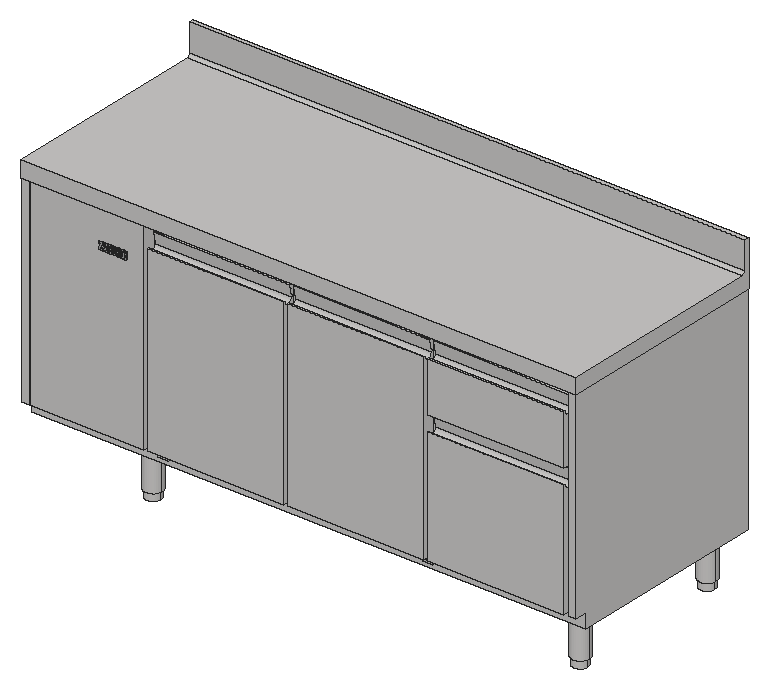
Revit family "QF_ZANUSSI_111046_ZH3H3AAD", category Specialty Equipment, Revit 2018
Family settings
  Round Connector Dimension = Use Diameter
  Part Type = Normal
  Work Plane-Based = No
  Always vertical = Yes
  Cut with Voids When Loaded = No
  Shared = No
  Room Calculation Point = No
Parameters
  Weight = 0.00 kg
  Watts = 0.0232258 W
  Volts = 220 V
  URL Manufacturer = "http://www.zanussiprofessional.com/"
  URL = "http://www.zanussiprofessional.com/"
  Steam Supply Size = 0 mm
  Steam Supply Minimum Pressure = 0.0 Pa
  Steam Supply Maximum Pressure = 0.0 Pa
  Steam Pounds per Hour = 0
  Show Logo [instance] = yes
  Show Clearance [instance] = yes
  Refrigeration Suction Line Size = 0 mm
  Refrigeration Liquid Line Size = 0 mm
  Refrigerant Compressor Remote = yes
  Manufacturer = "Zanussi"
  Phase = 1
  Model = "ZH3H3AAD"
  Length Actual = 1799 mm  # constant formula
  Item Number = "111046"
  Hot Water Size = 0 mm
  Height Actual = 1000 mm  # constant formula
  HP = "0.3 HP"
  Gas Size = 0 mm
  Gas KW = 0
  Gas Input Pressure = 0 W
  Description = "2DOOR+1/3+2/3DRAWERS REF.TABLE 440L-SPLB"
  Depth Actual = 700 mm  # constant formula
  Cycle = 50 Hz
  Condensate Return Size = 0 mm
  Compressed Air Volume = 0.0 L/s
  Compressed Air Size = 0 mm
  Compressed Air Pressure = 0.0 Pa
  Cold Water Size = 0 mm
  Accessory = yes
Reference planes
  plane 1 "Center X": y = 182.5
  plane 2: z = 0
  plane 3 "Center Y": x = -353.5
  plane 4: y = -62.5
  plane 5: y = 451.5
  plane 6 "BACK": y = 532.5
  plane 7 "FRONT": y = -167.5
  plane 8: x = -906
  plane 9: x = 478
  plane 10: z = 150
  plane 11 "TOP": z = 900
  plane 12: z = 850
  plane 13 "LEFT": x = -1251
  plane 14 "RIGHT": x = 544
  plane 15: x = -1253
  plane 16: x = 546
Forms (mm)
  Extrusion 1, solid, material "QF_Finishes_Stainless Steel"
    sketch origin (-353.5, 2, 0) x (0, 1, 0) y (0, 0, 1)
      loop
        line (530.5, 150) -> (530.5, 850) -> (-124.5, 850) -> (-124.5, 150) -> (530.5, 150)
    from -897.5 to 897.5
  Extrusion 2, solid, material "QF_Finishes_Stainless Steel"
    sketch origin (-1022.223, -1524, 150) x (-1, 0, 0) y (0, -1, 0)
      loop
        line (228.777, -1361.5) -> (203.777, -1361.5) -> (203.777, -1401.5) -> (228.777, -1401.5) -> (228.777, -1361.5)
      loop
        line (-1566.223, -1401.5) -> (-1541.223, -1401.5) -> (-1541.223, -1361.5) -> (-1566.223, -1361.5) -> (-1566.223, -1401.5)
    from 47 to 700
  Extrusion 3, solid, material "QF_Finishes_Stainless Steel"
    sketch origin (0, 0, 900) x (-1, 0, 0) y (0, -1, 0)
      loop
        circle (170, -94.5) r 8.45
    from -790.577 to -750
  Extrusion 4, solid, material "QF_Finishes_Stainless Steel"
    sketch origin (0, 0, 0) x (1, 0, 0) y (0, 1, 0)
      loop
        circle (-1167, 451.5) r 4
    from 109.423 to 150
  Extrusion 5, solid, material "QF_Finishes_Stainless Steel"
    sketch origin (-126.5, 0, 0) x (0, 1, 0) y (0, 0, 1)
      loop
        line (-167.5, 900) -> (-167.5, 850) -> (532.5, 850) -> (532.5, 1000) -> (519.5, 1000) -> (519.5, 910)
        arc (519.5, 910) -> (516.571, 902.929) -> (509.5, 900) r 10
        line (509.5, 900) -> (-167.5, 900)
    from 672.5 to -1126.5
Cuts and joins
  joined: Extrusion 1, Extrusion 2
Lines and regions (mm)
  symbolic lines, style "SpecialityEquipmentHiddenLines"
    curve 1: line (-1253, -122.5, 900) -> (546, -122.5, 900)
    curve 2: line (-850, -167.5, 900) -> (-850, -122.5, 900)
  symbolic lines, style "SpecialityEquipment"
    curve 3: line (-1253, 532.5, 900) -> (546, 532.5, 900)
    curve 4: line (-1253, 532.5, 900) -> (-1253, -167.5, 900)
    curve 5: line (-1253, -167.5, 900) -> (546, -167.5, 900)
    curve 6: line (546, -167.5, 900) -> (546, 532.5, 900)
    curve 7: line (-1253, 519.5, 900) -> (546, 519.5, 900)
Dimensions and locks
  locked: plane 6 "BACK" to plane 7 "FRONT" at 700
  equal spacing: plane 6 "BACK", plane 1 "Center X", plane 7 "FRONT"
  locked: plane 6 "BACK" to plane 5 at 81
  plane 10 to level = 150 mm
  plane 11 "TOP" to plane 12 to plane 10 = 50 mm locked, 700 mm locked
  locked: Extrusion 2 sketch curve to Extrusion 2 sketch curve at 25  (x2)
  locked: plane 4 to plane 7 "FRONT" at 105
  locked: plane 6 "BACK" to Extrusion 3 sketch curve at 438
  equal spacing: plane 13 "LEFT", plane 3 "Center Y", plane 14 "RIGHT"
  plane 15 to plane 16 = 1799 mm
  locked: plane 13 "LEFT" to plane 8 at 345
  locked: plane 9 to plane 14 "RIGHT" at 66
  Extrusion 3 sketch curve to plane 14 "RIGHT" = 714 mm
  plane 13 "LEFT" to Extrusion 4 sketch curve = 84 mm
  locked: plane 6 "BACK" to Extrusion 4 sketch curve at 81
  locked: plane 10 to Extrusion 4 at 40.577
  aligned and locked: level to plane 2
  aligned and locked: plane 10 to Extrusion 3
  aligned and locked: nested 4 to plane 4
  aligned and locked: nested 1 to plane 4
  aligned and locked: nested 3 to plane 5
  aligned and locked: nested 2 to plane 5
  aligned and locked: plane 8 to nested 1
  aligned and locked: plane 8 to nested 2
  aligned and locked: plane 9 to nested 4
  aligned and locked: plane 9 to nested 3
  aligned and locked: Extrusion 1 to Extrusion 2
  aligned and locked: Extrusion 2 to Extrusion 1
  aligned and locked: Extrusion 2 sketch curve to plane 14 "RIGHT"
  aligned and locked: plane 13 "LEFT" to Extrusion 2 sketch curve
  aligned and locked: cut or joined group of Extrusion 1, Extrusion 2 to plane 10
  aligned and locked: plane 12 to cut or joined group of Extrusion 1, Extrusion 2
  aligned and locked: plane 10 to Extrusion 4
Automatic sketch dimensions
  plane 7 "FRONT" to Extrusion 2 sketch curve = 45 mm  (x2)
  plane 7 "FRONT" to Extrusion 2 sketch curve = 5 mm  (x2)
  Extrusion 1 sketch curve to plane 10 = 0 mm
  Extrusion 1 sketch curve to plane 12 = 0 mm
  Extrusion 1 sketch curve to plane 6 "BACK" = 0 mm
  plane 7 "FRONT" to Extrusion 1 sketch curve = 45 mm
  Extrusion 5 sketch curve to plane 7 "FRONT" = 0 mm
  Extrusion 5 sketch curve to plane 11 "TOP" = 0 mm
  Extrusion 5 sketch curve to plane 6 "BACK" = 0 mm
  Extrusion 5 sketch curve to plane 12 = 0 mm
  plane 11 "TOP" to Extrusion 5 sketch curve = 10 mm
  Extrusion 5 sketch curve to plane 6 "BACK" = 23 mm
  Extrusion 5 sketch curve to Extrusion 5 sketch curve = 90 mm
  curve 7 to plane 16 = 0 mm
  curve 2 to plane 7 "FRONT" = 0 mm
  curve 5 to plane 15 = 0 mm
  curve 3 to plane 6 "BACK" = 0 mm
  plane 8 to curve 2 = 56 mm
  curve 3 to curve 7 = 13 mm
  curve 1 to curve 4 = 45 mm
  radius of Extrusion 3 sketch curve = 8.45 mm
  radius of Extrusion 4 sketch curve = 4 mm
Nested families
  nested 1: "Foot_Ø50_H150" at (-906, -62.5, 0), type "Foot_Ø50_H150"
  nested 2: "Foot_Ø50_H150" at (-906, 451.5, 0), type "Foot_Ø50_H150"
  nested 3: "Foot_Ø50_H150" at (478, 451.5, 0), type "Foot_Ø50_H150"
  nested 4: "Foot_Ø50_H150" at (478, -62.5, 0), type "Foot_Ø50_H150"
  nested 5: "1x1-3 1x2-3 Drawers" at (285, -164.5, 0), Show Clearance <- "Show Clearance", type "1x1-3 1x2-3 Drawers"
  nested 6: "Door" at (-169, -164.5, 0), Show Clearance <- "Show Clearance", type "Door"
  nested 7: "Refrigerator" at (544, -167.5, 900), type "Refrigerator"
  nested 8: "ZAN_Cooling Unit" at (-1041.5, -164.5, 0), Show Logo <- "Show Logo", type "ZAN_Cooling Unit"
  nested 9: "Door" at (-623, -164.5, 0) x (-1, 0, 0) z (0, 0, 1), Show Clearance <- "Show Clearance", type "Door"
Connectors
  electrical at (-1167, 451.5, 109.423), driven by "Volts"
    settings: on Extrusion 4, index 4, voltage 220 V, apparent load 0 VA, apparent load phase1 0 VA, apparent load phase2 0 VA, apparent load phase3 0 VA, power factor 1, load classification "Altro", number of poles 1, system type 30, power factor state 1, is connector primary yes, connector utility no, sub classification motor no, connector description "Electrical Connection"
  piping at (-170, 94.5, 109.423), diameter 17
    settings: on Extrusion 3, index 5, connector inside diameter 609.6 mm, connector length 0 mm, flow factor 0, pipe flow 0.0 L/s, pressure drop 0.0 Pa, fitting loss kfactor 0, connector angle 0.00°, fixture units 0, engagement length 0 mm, angle of deflection 0.00°, flow configuration 1, flow direction 2, fitting loss method 0, system type 16, joint type 0, gender type 0, connector reference index -1, connector utility 0, adjustable connector no, is connector primary yes, connector description "Drain"
Definition of nested family "Foot_Ø50_H150"
  Reference planes
    plane 1 "Centro (Fronte/Retro)": y = 0
    plane 2: z = 0
    plane 3 "Centro (Sinistra/Destra)": x = 0
    plane 4: z = 150
  Forms (mm)
    Revolve 1, solid
      sketch origin (255.05, 0, 608.09) x (0, 0, 1) y (-1, 0, 0)
        loop
          line (-608.09, 255.05) -> (-608.09, 230.05) -> (-583.09, 230.05) -> (-583.09, 226.05) -> (-458.09, 226.05) -> (-458.09, 255.05) -> (-608.09, 255.05)
        axis (-608.09, 255.05) -> (-458.09, 255.05)
      angle from 0 to 360
  Dimensions and locks
    locked: Revolve 1 sketch curve to Revolve 1 sketch curve at 125
    aligned and locked: level to plane 2
    aligned and locked: plane 4 to Revolve 1 sketch curve
    aligned and locked: Revolve 1 sketch curve to level
    aligned and locked: plane 3 "Centro (Sinistra/Destra)" to Revolve 1 sketch curve
Definition of nested family "1x1-3 1x2-3 Drawers"
  Parameters
    Show Clearance [instance] = yes
  Reference planes
    plane 1 "FRONT": y = -3
    plane 2: z = 0
    plane 3 "Centro (Sinistra/Destra)": x = 0
    plane 4: z = 150
    plane 5: z = 850
    plane 6: x = -234
    plane 7: x = 234
    plane 8: x = -220
    plane 9: x = 220
  Forms (mm)
    Extrusion 1, solid
      sketch origin (0, 55, 511) x (0, 0, 1) y (0, -1, 0)
        loop
          line (314, 18) -> (314, 29) -> (274.395, 22.5)
          arc (274.395, 22.5) -> (260.395, 36.5) -> (274.395, 50.5) r 14
          line (274.395, 50.5) -> (274.395, 53) -> (111.333, 53) -> (111.333, 18) -> (314, 18)
        loop
          line (101.333, 29) -> (61.728, 22.5)
          arc (61.728, 22.5) -> (47.728, 36.5) -> (61.728, 50.5) r 14
          line (61.728, 50.5) -> (61.728, 53) -> (-314, 53) -> (-314, 18) -> (101.333, 18) -> (101.333, 29)
      from -220 to 220
    Extrusion 2, solid, visible <- "Show Clearance", detail levels coarse
      sketch origin (0, -462, 511) x (0, 0, 1) y (0, -1, 0)
        loop
          line (-314, 109) -> (-314, -464) -> (101.333, -464) -> (101.333, 109) -> (-314, 109)
        loop
          line (314, -464) -> (314, 109) -> (111.333, 109) -> (111.333, -464) -> (314, -464)
      from -220 to 220
  Lines and regions (mm)
    symbolic lines
      curve 1: line (-220, -208, 0) -> (-220, -243, 0)
      curve 2: line (220, -243, 0) -> (220, -208, 0)
      curve 3: line (-190, -3, 0) -> (-190, -48, 0)
      curve 4: line (220, -48, 0) -> (-220, -48, 0)
      curve 5: line (-220, -48, 0) -> (-220, -83, 0)
      curve 6: line (-220, -83, 0) -> (220, -83, 0)
      curve 7: line (220, -83, 0) -> (220, -48, 0)
      curve 8: line (190, -48, 0) -> (190, -3, 0)
      curve 9: line (-190, -83, 0) -> (-190, -208, 0)
      curve 10: line (190, -208, 0) -> (190, -83, 0)
      curve 11: line (220, -208, 0) -> (-220, -208, 0)
      curve 12: line (-220, -208, 0) -> (-220, -243, 0)
      curve 13: line (-220, -243, 0) -> (220, -243, 0)
      curve 14: line (220, -243, 0) -> (220, -208, 0)
  Dimensions and locks
    aligned and locked: level to plane 2
Definition of nested family "Door"
  Parameters
    Show Clearance [instance] = yes
  Reference planes
    plane 1 "FRONT": y = -3
    plane 2: z = 0
    plane 3 "Centro (Sinistra/Destra)": x = 0
    plane 4: z = 150
    plane 5: z = 850
    plane 6: x = -234
    plane 7: x = 234
    plane 8: x = -220
    plane 9: x = 220
  Forms (mm)
    Extrusion 1, solid
      sketch origin (0, 53, 511) x (0, 0, 1) y (0, -1, 0)
        loop
          line (-323.003, 28.5) -> (-316.501, 28.5) -> (-316.501, 31) -> (-325.503, 31) -> (-325.503, 13.5) -> (-345.503, 13.5) -> (-345.503, 11) -> (-323.003, 11) -> (-323.003, 23.259) -> (-323.003, 28.5)
        loop
          line (-314, 27) -> (-316.501, 27) -> (-316.501, 18.501) -> (-319.752, 18.501) -> (-319.752, 16) -> (-314, 16) -> (-314, 27)
        loop
          line (315.003, 27) -> (315.003, 13.948) -> (315.003, 11) -> (327.503, 11) -> (327.503, 13.5) -> (317.503, 13.5) -> (317.503, 27) -> (315.003, 27)
      from 185 to 220
    Extrusion 2, solid, visible <- "Show Clearance", detail levels coarse
      sketch origin (0, 53, 511) x (0, -1, 0) y (1, 0, 0)
        loop
          line (51, 220) -> (51, -220)
          arc (51, -220) -> (339.234, -79.44) -> (454, 220) r 437.168
          line (454, 220) -> (51, 220)
      from -314 to 314
    Extrusion 3, solid
      sketch origin (0, 55, 511) x (0, 0, 1) y (0, -1, 0)
        loop
          line (314, 18) -> (314, 29) -> (274.395, 22.5)
          arc (274.395, 22.5) -> (260.395, 36.5) -> (274.395, 50.5) r 14
          line (274.395, 50.5) -> (274.395, 53) -> (-314, 53) -> (-314, 18) -> (314, 18)
      from -220 to 220
  Lines and regions (mm)
    symbolic lines
      curve 1: line (220, -3, 0) -> (220, -401, 0)
      curve 2: line (220, -401, 0) -> (185, -401, 0)
      curve 3: line (185, -401, 0) -> (185, -3, 0)
      curve 4: arc (-219.722, -3, 0) -> (-89.51, -275.368, 0) -> (185, -401, 0) r 442.855
  Dimensions and locks
    aligned and locked: level to plane 2
Definition of nested family "ZAN_Cooling Unit"
  Parameters
    Show Logo [instance] = yes
  Reference planes
    plane 1 "FRONT": y = -3
    plane 2: z = 0
    plane 3 "Centro (Sinistra/Destra)": x = 0
    plane 4: z = 150
    plane 5: z = 850
    plane 6: x = -184.5
    plane 7: x = 184.5
  Forms (mm)
    Extrusion 1, solid
      sketch origin (0, 55, 511) x (0, 0, 1) y (0, -1, 0)
        loop
          line (-314, 53) -> (-314, 13) -> (339, 13) -> (339, 53) -> (-314, 53)
      from -184.5 to 184.5
  Lines and regions (mm)
    Split face 1
      outline origin (0, 2, 197) x (0, 0, 1) y (-1, 0, 0)
        loop
          line (566.835, 184.5) -> (566.835, -184.5)
        loop
          line (521.835, 184.5) -> (521.835, -184.5)
    Split face 2
      outline origin (0, 2, 197) x (0, 0, 1) y (-1, 0, 0)
        loop
          arc (510.649, 158.547) -> (506.648, 162.548) -> (502.647, 158.547) r 4.001
          line (502.647, 158.547) -> (502.647, 116.535)
          arc (502.647, 116.535) -> (506.648, 112.533) -> (510.649, 116.535) r 4.001
          line (510.649, 116.535) -> (510.649, 158.547)
    Split face 3
      outline origin (0, 2, 184.996) x (0, 0, 1) y (-1, 0, 0)
        loop
          arc (510.649, 158.547) -> (506.648, 162.548) -> (502.647, 158.547) r 4.001
          line (502.647, 158.547) -> (502.647, 116.535)
          arc (502.647, 116.535) -> (506.648, 112.533) -> (510.649, 116.535) r 4.001
          line (510.649, 116.535) -> (510.649, 158.547)
    Split face 4
      outline origin (0, 2, 172.993) x (0, 0, 1) y (-1, 0, 0)
        loop
          arc (510.649, 158.547) -> (506.648, 162.548) -> (502.647, 158.547) r 4.001
          line (502.647, 158.547) -> (502.647, 116.535)
          arc (502.647, 116.535) -> (506.648, 112.533) -> (510.649, 116.535) r 4.001
          line (510.649, 116.535) -> (510.649, 158.547)
    Split face 5
      outline origin (0, 2, 160.989) x (0, 0, 1) y (-1, 0, 0)
        loop
          arc (510.649, 158.547) -> (506.648, 162.548) -> (502.647, 158.547) r 4.001
          line (502.647, 158.547) -> (502.647, 116.535)
          arc (502.647, 116.535) -> (506.648, 112.533) -> (510.649, 116.535) r 4.001
          line (510.649, 116.535) -> (510.649, 158.547)
    Split face 6
      outline origin (0, 2, 148.986) x (0, 0, 1) y (-1, 0, 0)
        loop
          arc (510.649, 158.547) -> (506.648, 162.548) -> (502.647, 158.547) r 4.001
          line (502.647, 158.547) -> (502.647, 116.535)
          arc (502.647, 116.535) -> (506.648, 112.533) -> (510.649, 116.535) r 4.001
          line (510.649, 116.535) -> (510.649, 158.547)
    Split face 7
      outline origin (0, 2, 136.982) x (0, 0, 1) y (-1, 0, 0)
        loop
          arc (510.649, 158.547) -> (506.648, 162.548) -> (502.647, 158.547) r 4.001
          line (502.647, 158.547) -> (502.647, 116.535)
          arc (502.647, 116.535) -> (506.648, 112.533) -> (510.649, 116.535) r 4.001
          line (510.649, 116.535) -> (510.649, 158.547)
    Split face 8
      outline origin (0, 2, 124.979) x (0, 0, 1) y (-1, 0, 0)
        loop
          arc (510.649, 158.547) -> (506.648, 162.548) -> (502.647, 158.547) r 4.001
          line (502.647, 158.547) -> (502.647, 116.535)
          arc (502.647, 116.535) -> (506.648, 112.533) -> (510.649, 116.535) r 4.001
          line (510.649, 116.535) -> (510.649, 158.547)
    Split face 9
      outline origin (0, 2, 112.975) x (0, 0, 1) y (-1, 0, 0)
        loop
          arc (510.649, 158.547) -> (506.648, 162.548) -> (502.647, 158.547) r 4.001
          line (502.647, 158.547) -> (502.647, 116.535)
          arc (502.647, 116.535) -> (506.648, 112.533) -> (510.649, 116.535) r 4.001
          line (510.649, 116.535) -> (510.649, 158.547)
    Split face 10
      outline origin (0, 2, 100.972) x (0, 0, 1) y (-1, 0, 0)
        loop
          arc (510.649, 158.547) -> (506.648, 162.548) -> (502.647, 158.547) r 4.001
          line (502.647, 158.547) -> (502.647, 116.535)
          arc (502.647, 116.535) -> (506.648, 112.533) -> (510.649, 116.535) r 4.001
          line (510.649, 116.535) -> (510.649, 158.547)
    Split face 11
      outline origin (0, 2, 88.968) x (0, 0, 1) y (-1, 0, 0)
        loop
          arc (510.649, 158.547) -> (506.648, 162.548) -> (502.647, 158.547) r 4.001
          line (502.647, 158.547) -> (502.647, 116.535)
          arc (502.647, 116.535) -> (506.648, 112.533) -> (510.649, 116.535) r 4.001
          line (510.649, 116.535) -> (510.649, 158.547)
    Split face 12
      outline origin (0, 2, 76.965) x (0, 0, 1) y (-1, 0, 0)
        loop
          arc (510.649, 158.547) -> (506.648, 162.548) -> (502.647, 158.547) r 4.001
          line (502.647, 158.547) -> (502.647, 116.535)
          arc (502.647, 116.535) -> (506.648, 112.533) -> (510.649, 116.535) r 4.001
          line (510.649, 116.535) -> (510.649, 158.547)
    Split face 13
      outline origin (0, 2, 64.961) x (0, 0, 1) y (-1, 0, 0)
        loop
          arc (510.649, 158.547) -> (506.648, 162.548) -> (502.647, 158.547) r 4.001
          line (502.647, 158.547) -> (502.647, 116.535)
          arc (502.647, 116.535) -> (506.648, 112.533) -> (510.649, 116.535) r 4.001
          line (510.649, 116.535) -> (510.649, 158.547)
    Split face 14
      outline origin (0, 2, 52.958) x (0, 0, 1) y (-1, 0, 0)
        loop
          arc (510.649, 158.547) -> (506.648, 162.548) -> (502.647, 158.547) r 4.001
          line (502.647, 158.547) -> (502.647, 116.535)
          arc (502.647, 116.535) -> (506.648, 112.533) -> (510.649, 116.535) r 4.001
          line (510.649, 116.535) -> (510.649, 158.547)
    Split face 15
      outline origin (0, 2, 40.954) x (0, 0, 1) y (-1, 0, 0)
        loop
          arc (510.649, 158.547) -> (506.648, 162.548) -> (502.647, 158.547) r 4.001
          line (502.647, 158.547) -> (502.647, 116.535)
          arc (502.647, 116.535) -> (506.648, 112.533) -> (510.649, 116.535) r 4.001
          line (510.649, 116.535) -> (510.649, 158.547)
    Split face 16
      outline origin (0, 2, 28.951) x (0, 0, 1) y (-1, 0, 0)
        loop
          arc (510.649, 158.547) -> (506.648, 162.548) -> (502.647, 158.547) r 4.001
          line (502.647, 158.547) -> (502.647, 116.535)
          arc (502.647, 116.535) -> (506.648, 112.533) -> (510.649, 116.535) r 4.001
          line (510.649, 116.535) -> (510.649, 158.547)
    Split face 17
      outline origin (0, 2, 16.947) x (0, 0, 1) y (-1, 0, 0)
        loop
          arc (510.649, 158.547) -> (506.648, 162.548) -> (502.647, 158.547) r 4.001
          line (502.647, 158.547) -> (502.647, 116.535)
          arc (502.647, 116.535) -> (506.648, 112.533) -> (510.649, 116.535) r 4.001
          line (510.649, 116.535) -> (510.649, 158.547)
    Split face 18
      outline origin (55.016, 2, 197) x (0, 0, 1) y (-1, 0, 0)
        loop
          arc (510.649, 158.547) -> (506.648, 162.548) -> (502.647, 158.547) r 4.001
          line (502.647, 158.547) -> (502.647, 116.535)
          arc (502.647, 116.535) -> (506.648, 112.533) -> (510.649, 116.535) r 4.001
          line (510.649, 116.535) -> (510.649, 158.547)
    Split face 19
      outline origin (55.016, 2, 184.996) x (0, 0, 1) y (-1, 0, 0)
        loop
          arc (510.649, 158.547) -> (506.648, 162.548) -> (502.647, 158.547) r 4.001
          line (502.647, 158.547) -> (502.647, 116.535)
          arc (502.647, 116.535) -> (506.648, 112.533) -> (510.649, 116.535) r 4.001
          line (510.649, 116.535) -> (510.649, 158.547)
    Split face 20
      outline origin (55.016, 2, 172.993) x (0, 0, 1) y (-1, 0, 0)
        loop
          arc (510.649, 158.547) -> (506.648, 162.548) -> (502.647, 158.547) r 4.001
          line (502.647, 158.547) -> (502.647, 116.535)
          arc (502.647, 116.535) -> (506.648, 112.533) -> (510.649, 116.535) r 4.001
          line (510.649, 116.535) -> (510.649, 158.547)
    Split face 21
      outline origin (55.016, 2, 160.989) x (0, 0, 1) y (-1, 0, 0)
        loop
          arc (510.649, 158.547) -> (506.648, 162.548) -> (502.647, 158.547) r 4.001
          line (502.647, 158.547) -> (502.647, 116.535)
          arc (502.647, 116.535) -> (506.648, 112.533) -> (510.649, 116.535) r 4.001
          line (510.649, 116.535) -> (510.649, 158.547)
    Split face 22
      outline origin (55.016, 2, 148.986) x (0, 0, 1) y (-1, 0, 0)
        loop
          arc (510.649, 158.547) -> (506.648, 162.548) -> (502.647, 158.547) r 4.001
          line (502.647, 158.547) -> (502.647, 116.535)
          arc (502.647, 116.535) -> (506.648, 112.533) -> (510.649, 116.535) r 4.001
          line (510.649, 116.535) -> (510.649, 158.547)
    Split face 23
      outline origin (55.016, 2, 136.982) x (0, 0, 1) y (-1, 0, 0)
        loop
          arc (510.649, 158.547) -> (506.648, 162.548) -> (502.647, 158.547) r 4.001
          line (502.647, 158.547) -> (502.647, 116.535)
          arc (502.647, 116.535) -> (506.648, 112.533) -> (510.649, 116.535) r 4.001
          line (510.649, 116.535) -> (510.649, 158.547)
    Split face 24
      outline origin (55.016, 2, 124.979) x (0, 0, 1) y (-1, 0, 0)
        loop
          arc (510.649, 158.547) -> (506.648, 162.548) -> (502.647, 158.547) r 4.001
          line (502.647, 158.547) -> (502.647, 116.535)
          arc (502.647, 116.535) -> (506.648, 112.533) -> (510.649, 116.535) r 4.001
          line (510.649, 116.535) -> (510.649, 158.547)
    Split face 25
      outline origin (55.016, 2, 112.975) x (0, 0, 1) y (-1, 0, 0)
        loop
          arc (510.649, 158.547) -> (506.648, 162.548) -> (502.647, 158.547) r 4.001
          line (502.647, 158.547) -> (502.647, 116.535)
          arc (502.647, 116.535) -> (506.648, 112.533) -> (510.649, 116.535) r 4.001
          line (510.649, 116.535) -> (510.649, 158.547)
    Split face 26
      outline origin (55.016, 2, 100.972) x (0, 0, 1) y (-1, 0, 0)
        loop
          arc (510.649, 158.547) -> (506.648, 162.548) -> (502.647, 158.547) r 4.001
          line (502.647, 158.547) -> (502.647, 116.535)
          arc (502.647, 116.535) -> (506.648, 112.533) -> (510.649, 116.535) r 4.001
          line (510.649, 116.535) -> (510.649, 158.547)
    Split face 27
      outline origin (55.016, 2, 88.968) x (0, 0, 1) y (-1, 0, 0)
        loop
          arc (510.649, 158.547) -> (506.648, 162.548) -> (502.647, 158.547) r 4.001
          line (502.647, 158.547) -> (502.647, 116.535)
          arc (502.647, 116.535) -> (506.648, 112.533) -> (510.649, 116.535) r 4.001
          line (510.649, 116.535) -> (510.649, 158.547)
    Split face 28
      outline origin (55.016, 2, 76.965) x (0, 0, 1) y (-1, 0, 0)
        loop
          arc (510.649, 158.547) -> (506.648, 162.548) -> (502.647, 158.547) r 4.001
          line (502.647, 158.547) -> (502.647, 116.535)
          arc (502.647, 116.535) -> (506.648, 112.533) -> (510.649, 116.535) r 4.001
          line (510.649, 116.535) -> (510.649, 158.547)
    Split face 29
      outline origin (55.016, 2, 64.961) x (0, 0, 1) y (-1, 0, 0)
        loop
          arc (510.649, 158.547) -> (506.648, 162.548) -> (502.647, 158.547) r 4.001
          line (502.647, 158.547) -> (502.647, 116.535)
          arc (502.647, 116.535) -> (506.648, 112.533) -> (510.649, 116.535) r 4.001
          line (510.649, 116.535) -> (510.649, 158.547)
    Split face 30
      outline origin (55.016, 2, 52.958) x (0, 0, 1) y (-1, 0, 0)
        loop
          arc (510.649, 158.547) -> (506.648, 162.548) -> (502.647, 158.547) r 4.001
          line (502.647, 158.547) -> (502.647, 116.535)
          arc (502.647, 116.535) -> (506.648, 112.533) -> (510.649, 116.535) r 4.001
          line (510.649, 116.535) -> (510.649, 158.547)
    Split face 31
      outline origin (55.016, 2, 40.954) x (0, 0, 1) y (-1, 0, 0)
        loop
          arc (510.649, 158.547) -> (506.648, 162.548) -> (502.647, 158.547) r 4.001
          line (502.647, 158.547) -> (502.647, 116.535)
          arc (502.647, 116.535) -> (506.648, 112.533) -> (510.649, 116.535) r 4.001
          line (510.649, 116.535) -> (510.649, 158.547)
    Split face 32
      outline origin (55.016, 2, 28.951) x (0, 0, 1) y (-1, 0, 0)
        loop
          arc (510.649, 158.547) -> (506.648, 162.548) -> (502.647, 158.547) r 4.001
          line (502.647, 158.547) -> (502.647, 116.535)
          arc (502.647, 116.535) -> (506.648, 112.533) -> (510.649, 116.535) r 4.001
          line (510.649, 116.535) -> (510.649, 158.547)
    Split face 33
      outline origin (55.016, 2, 16.947) x (0, 0, 1) y (-1, 0, 0)
        loop
          arc (510.649, 158.547) -> (506.648, 162.548) -> (502.647, 158.547) r 4.001
          line (502.647, 158.547) -> (502.647, 116.535)
          arc (502.647, 116.535) -> (506.648, 112.533) -> (510.649, 116.535) r 4.001
          line (510.649, 116.535) -> (510.649, 158.547)
    Split face 34
      outline origin (110.032, 2, 197) x (0, 0, 1) y (-1, 0, 0)
        loop
          arc (510.649, 158.547) -> (506.648, 162.548) -> (502.647, 158.547) r 4.001
          line (502.647, 158.547) -> (502.647, 116.535)
          arc (502.647, 116.535) -> (506.648, 112.533) -> (510.649, 116.535) r 4.001
          line (510.649, 116.535) -> (510.649, 158.547)
    Split face 35
      outline origin (110.032, 2, 184.996) x (0, 0, 1) y (-1, 0, 0)
        loop
          arc (510.649, 158.547) -> (506.648, 162.548) -> (502.647, 158.547) r 4.001
          line (502.647, 158.547) -> (502.647, 116.535)
          arc (502.647, 116.535) -> (506.648, 112.533) -> (510.649, 116.535) r 4.001
          line (510.649, 116.535) -> (510.649, 158.547)
    Split face 36
      outline origin (110.032, 2, 172.993) x (0, 0, 1) y (-1, 0, 0)
        loop
          arc (510.649, 158.547) -> (506.648, 162.548) -> (502.647, 158.547) r 4.001
          line (502.647, 158.547) -> (502.647, 116.535)
          arc (502.647, 116.535) -> (506.648, 112.533) -> (510.649, 116.535) r 4.001
          line (510.649, 116.535) -> (510.649, 158.547)
    Split face 37
      outline origin (110.032, 2, 160.989) x (0, 0, 1) y (-1, 0, 0)
        loop
          arc (510.649, 158.547) -> (506.648, 162.548) -> (502.647, 158.547) r 4.001
          line (502.647, 158.547) -> (502.647, 116.535)
          arc (502.647, 116.535) -> (506.648, 112.533) -> (510.649, 116.535) r 4.001
          line (510.649, 116.535) -> (510.649, 158.547)
    Split face 38
      outline origin (110.032, 2, 148.986) x (0, 0, 1) y (-1, 0, 0)
        loop
          arc (510.649, 158.547) -> (506.648, 162.548) -> (502.647, 158.547) r 4.001
          line (502.647, 158.547) -> (502.647, 116.535)
          arc (502.647, 116.535) -> (506.648, 112.533) -> (510.649, 116.535) r 4.001
          line (510.649, 116.535) -> (510.649, 158.547)
    Split face 39
      outline origin (110.032, 2, 136.982) x (0, 0, 1) y (-1, 0, 0)
        loop
          arc (510.649, 158.547) -> (506.648, 162.548) -> (502.647, 158.547) r 4.001
          line (502.647, 158.547) -> (502.647, 116.535)
          arc (502.647, 116.535) -> (506.648, 112.533) -> (510.649, 116.535) r 4.001
          line (510.649, 116.535) -> (510.649, 158.547)
    Split face 40
      outline origin (110.032, 2, 124.979) x (0, 0, 1) y (-1, 0, 0)
        loop
          arc (510.649, 158.547) -> (506.648, 162.548) -> (502.647, 158.547) r 4.001
          line (502.647, 158.547) -> (502.647, 116.535)
          arc (502.647, 116.535) -> (506.648, 112.533) -> (510.649, 116.535) r 4.001
          line (510.649, 116.535) -> (510.649, 158.547)
    Split face 41
      outline origin (110.032, 2, 112.975) x (0, 0, 1) y (-1, 0, 0)
        loop
          arc (510.649, 158.547) -> (506.648, 162.548) -> (502.647, 158.547) r 4.001
          line (502.647, 158.547) -> (502.647, 116.535)
          arc (502.647, 116.535) -> (506.648, 112.533) -> (510.649, 116.535) r 4.001
          line (510.649, 116.535) -> (510.649, 158.547)
    Split face 42
      outline origin (110.032, 2, 100.972) x (0, 0, 1) y (-1, 0, 0)
        loop
          arc (510.649, 158.547) -> (506.648, 162.548) -> (502.647, 158.547) r 4.001
          line (502.647, 158.547) -> (502.647, 116.535)
          arc (502.647, 116.535) -> (506.648, 112.533) -> (510.649, 116.535) r 4.001
          line (510.649, 116.535) -> (510.649, 158.547)
    Split face 43
      outline origin (110.032, 2, 88.968) x (0, 0, 1) y (-1, 0, 0)
        loop
          arc (510.649, 158.547) -> (506.648, 162.548) -> (502.647, 158.547) r 4.001
          line (502.647, 158.547) -> (502.647, 116.535)
          arc (502.647, 116.535) -> (506.648, 112.533) -> (510.649, 116.535) r 4.001
          line (510.649, 116.535) -> (510.649, 158.547)
    Split face 44
      outline origin (110.032, 2, 76.965) x (0, 0, 1) y (-1, 0, 0)
        loop
          arc (510.649, 158.547) -> (506.648, 162.548) -> (502.647, 158.547) r 4.001
          line (502.647, 158.547) -> (502.647, 116.535)
          arc (502.647, 116.535) -> (506.648, 112.533) -> (510.649, 116.535) r 4.001
          line (510.649, 116.535) -> (510.649, 158.547)
    Split face 45
      outline origin (110.032, 2, 64.961) x (0, 0, 1) y (-1, 0, 0)
        loop
          arc (510.649, 158.547) -> (506.648, 162.548) -> (502.647, 158.547) r 4.001
          line (502.647, 158.547) -> (502.647, 116.535)
          arc (502.647, 116.535) -> (506.648, 112.533) -> (510.649, 116.535) r 4.001
          line (510.649, 116.535) -> (510.649, 158.547)
    Split face 46
      outline origin (110.032, 2, 52.958) x (0, 0, 1) y (-1, 0, 0)
        loop
          arc (510.649, 158.547) -> (506.648, 162.548) -> (502.647, 158.547) r 4.001
          line (502.647, 158.547) -> (502.647, 116.535)
          arc (502.647, 116.535) -> (506.648, 112.533) -> (510.649, 116.535) r 4.001
          line (510.649, 116.535) -> (510.649, 158.547)
    Split face 47
      outline origin (110.032, 2, 40.954) x (0, 0, 1) y (-1, 0, 0)
        loop
          arc (510.649, 158.547) -> (506.648, 162.548) -> (502.647, 158.547) r 4.001
          line (502.647, 158.547) -> (502.647, 116.535)
          arc (502.647, 116.535) -> (506.648, 112.533) -> (510.649, 116.535) r 4.001
          line (510.649, 116.535) -> (510.649, 158.547)
    Split face 48
      outline origin (110.032, 2, 28.951) x (0, 0, 1) y (-1, 0, 0)
        loop
          arc (510.649, 158.547) -> (506.648, 162.548) -> (502.647, 158.547) r 4.001
          line (502.647, 158.547) -> (502.647, 116.535)
          arc (502.647, 116.535) -> (506.648, 112.533) -> (510.649, 116.535) r 4.001
          line (510.649, 116.535) -> (510.649, 158.547)
    Split face 49
      outline origin (110.032, 2, 16.947) x (0, 0, 1) y (-1, 0, 0)
        loop
          arc (510.649, 158.547) -> (506.648, 162.548) -> (502.647, 158.547) r 4.001
          line (502.647, 158.547) -> (502.647, 116.535)
          arc (502.647, 116.535) -> (506.648, 112.533) -> (510.649, 116.535) r 4.001
          line (510.649, 116.535) -> (510.649, 158.547)
    Split face 50
      outline origin (165.048, 2, 197) x (0, 0, 1) y (-1, 0, 0)
        loop
          arc (510.649, 158.547) -> (506.648, 162.548) -> (502.647, 158.547) r 4.001
          line (502.647, 158.547) -> (502.647, 116.535)
          arc (502.647, 116.535) -> (506.648, 112.533) -> (510.649, 116.535) r 4.001
          line (510.649, 116.535) -> (510.649, 158.547)
    Split face 51
      outline origin (165.048, 2, 184.996) x (0, 0, 1) y (-1, 0, 0)
        loop
          arc (510.649, 158.547) -> (506.648, 162.548) -> (502.647, 158.547) r 4.001
          line (502.647, 158.547) -> (502.647, 116.535)
          arc (502.647, 116.535) -> (506.648, 112.533) -> (510.649, 116.535) r 4.001
          line (510.649, 116.535) -> (510.649, 158.547)
    Split face 52
      outline origin (165.048, 2, 172.993) x (0, 0, 1) y (-1, 0, 0)
        loop
          arc (510.649, 158.547) -> (506.648, 162.548) -> (502.647, 158.547) r 4.001
          line (502.647, 158.547) -> (502.647, 116.535)
          arc (502.647, 116.535) -> (506.648, 112.533) -> (510.649, 116.535) r 4.001
          line (510.649, 116.535) -> (510.649, 158.547)
    Split face 53
      outline origin (165.048, 2, 160.989) x (0, 0, 1) y (-1, 0, 0)
        loop
          arc (510.649, 158.547) -> (506.648, 162.548) -> (502.647, 158.547) r 4.001
          line (502.647, 158.547) -> (502.647, 116.535)
          arc (502.647, 116.535) -> (506.648, 112.533) -> (510.649, 116.535) r 4.001
          line (510.649, 116.535) -> (510.649, 158.547)
    Split face 54
      outline origin (165.048, 2, 148.986) x (0, 0, 1) y (-1, 0, 0)
        loop
          arc (510.649, 158.547) -> (506.648, 162.548) -> (502.647, 158.547) r 4.001
          line (502.647, 158.547) -> (502.647, 116.535)
          arc (502.647, 116.535) -> (506.648, 112.533) -> (510.649, 116.535) r 4.001
          line (510.649, 116.535) -> (510.649, 158.547)
    Split face 55
      outline origin (165.048, 2, 136.982) x (0, 0, 1) y (-1, 0, 0)
        loop
          arc (510.649, 158.547) -> (506.648, 162.548) -> (502.647, 158.547) r 4.001
          line (502.647, 158.547) -> (502.647, 116.535)
          arc (502.647, 116.535) -> (506.648, 112.533) -> (510.649, 116.535) r 4.001
          line (510.649, 116.535) -> (510.649, 158.547)
    Split face 56
      outline origin (165.048, 2, 124.979) x (0, 0, 1) y (-1, 0, 0)
        loop
          arc (510.649, 158.547) -> (506.648, 162.548) -> (502.647, 158.547) r 4.001
          line (502.647, 158.547) -> (502.647, 116.535)
          arc (502.647, 116.535) -> (506.648, 112.533) -> (510.649, 116.535) r 4.001
          line (510.649, 116.535) -> (510.649, 158.547)
    Split face 57
      outline origin (165.048, 2, 112.975) x (0, 0, 1) y (-1, 0, 0)
        loop
          arc (510.649, 158.547) -> (506.648, 162.548) -> (502.647, 158.547) r 4.001
          line (502.647, 158.547) -> (502.647, 116.535)
          arc (502.647, 116.535) -> (506.648, 112.533) -> (510.649, 116.535) r 4.001
          line (510.649, 116.535) -> (510.649, 158.547)
    Split face 58
      outline origin (165.048, 2, 100.972) x (0, 0, 1) y (-1, 0, 0)
        loop
          arc (510.649, 158.547) -> (506.648, 162.548) -> (502.647, 158.547) r 4.001
          line (502.647, 158.547) -> (502.647, 116.535)
          arc (502.647, 116.535) -> (506.648, 112.533) -> (510.649, 116.535) r 4.001
          line (510.649, 116.535) -> (510.649, 158.547)
    Split face 59
      outline origin (165.048, 2, 88.968) x (0, 0, 1) y (-1, 0, 0)
        loop
          arc (510.649, 158.547) -> (506.648, 162.548) -> (502.647, 158.547) r 4.001
          line (502.647, 158.547) -> (502.647, 116.535)
          arc (502.647, 116.535) -> (506.648, 112.533) -> (510.649, 116.535) r 4.001
          line (510.649, 116.535) -> (510.649, 158.547)
    Split face 60
      outline origin (165.048, 2, 76.965) x (0, 0, 1) y (-1, 0, 0)
        loop
          arc (510.649, 158.547) -> (506.648, 162.548) -> (502.647, 158.547) r 4.001
          line (502.647, 158.547) -> (502.647, 116.535)
          arc (502.647, 116.535) -> (506.648, 112.533) -> (510.649, 116.535) r 4.001
          line (510.649, 116.535) -> (510.649, 158.547)
    Split face 61
      outline origin (165.048, 2, 64.961) x (0, 0, 1) y (-1, 0, 0)
        loop
          arc (510.649, 158.547) -> (506.648, 162.548) -> (502.647, 158.547) r 4.001
          line (502.647, 158.547) -> (502.647, 116.535)
          arc (502.647, 116.535) -> (506.648, 112.533) -> (510.649, 116.535) r 4.001
          line (510.649, 116.535) -> (510.649, 158.547)
    Split face 62
      outline origin (165.048, 2, 52.958) x (0, 0, 1) y (-1, 0, 0)
        loop
          arc (510.649, 158.547) -> (506.648, 162.548) -> (502.647, 158.547) r 4.001
          line (502.647, 158.547) -> (502.647, 116.535)
          arc (502.647, 116.535) -> (506.648, 112.533) -> (510.649, 116.535) r 4.001
          line (510.649, 116.535) -> (510.649, 158.547)
    Split face 63
      outline origin (165.048, 2, 40.954) x (0, 0, 1) y (-1, 0, 0)
        loop
          arc (510.649, 158.547) -> (506.648, 162.548) -> (502.647, 158.547) r 4.001
          line (502.647, 158.547) -> (502.647, 116.535)
          arc (502.647, 116.535) -> (506.648, 112.533) -> (510.649, 116.535) r 4.001
          line (510.649, 116.535) -> (510.649, 158.547)
    Split face 64
      outline origin (165.048, 2, 28.951) x (0, 0, 1) y (-1, 0, 0)
        loop
          arc (510.649, 158.547) -> (506.648, 162.548) -> (502.647, 158.547) r 4.001
          line (502.647, 158.547) -> (502.647, 116.535)
          arc (502.647, 116.535) -> (506.648, 112.533) -> (510.649, 116.535) r 4.001
          line (510.649, 116.535) -> (510.649, 158.547)
    Split face 65
      outline origin (165.048, 2, 16.947) x (0, 0, 1) y (-1, 0, 0)
        loop
          arc (510.649, 158.547) -> (506.648, 162.548) -> (502.647, 158.547) r 4.001
          line (502.647, 158.547) -> (502.647, 116.535)
          arc (502.647, 116.535) -> (506.648, 112.533) -> (510.649, 116.535) r 4.001
          line (510.649, 116.535) -> (510.649, 158.547)
    Split face 66
      outline origin (220.064, 2, 197) x (0, 0, 1) y (-1, 0, 0)
        loop
          arc (510.649, 158.547) -> (506.648, 162.548) -> (502.647, 158.547) r 4.001
          line (502.647, 158.547) -> (502.647, 116.535)
          arc (502.647, 116.535) -> (506.648, 112.533) -> (510.649, 116.535) r 4.001
          line (510.649, 116.535) -> (510.649, 158.547)
    Split face 67
      outline origin (220.064, 2, 184.996) x (0, 0, 1) y (-1, 0, 0)
        loop
          arc (510.649, 158.547) -> (506.648, 162.548) -> (502.647, 158.547) r 4.001
          line (502.647, 158.547) -> (502.647, 116.535)
          arc (502.647, 116.535) -> (506.648, 112.533) -> (510.649, 116.535) r 4.001
          line (510.649, 116.535) -> (510.649, 158.547)
    Split face 68
      outline origin (220.064, 2, 172.993) x (0, 0, 1) y (-1, 0, 0)
        loop
          arc (510.649, 158.547) -> (506.648, 162.548) -> (502.647, 158.547) r 4.001
          line (502.647, 158.547) -> (502.647, 116.535)
          arc (502.647, 116.535) -> (506.648, 112.533) -> (510.649, 116.535) r 4.001
          line (510.649, 116.535) -> (510.649, 158.547)
    Split face 69
      outline origin (220.064, 2, 160.989) x (0, 0, 1) y (-1, 0, 0)
        loop
          arc (510.649, 158.547) -> (506.648, 162.548) -> (502.647, 158.547) r 4.001
          line (502.647, 158.547) -> (502.647, 116.535)
          arc (502.647, 116.535) -> (506.648, 112.533) -> (510.649, 116.535) r 4.001
          line (510.649, 116.535) -> (510.649, 158.547)
    Split face 70
      outline origin (220.064, 2, 148.986) x (0, 0, 1) y (-1, 0, 0)
        loop
          arc (510.649, 158.547) -> (506.648, 162.548) -> (502.647, 158.547) r 4.001
          line (502.647, 158.547) -> (502.647, 116.535)
          arc (502.647, 116.535) -> (506.648, 112.533) -> (510.649, 116.535) r 4.001
          line (510.649, 116.535) -> (510.649, 158.547)
    Split face 71
      outline origin (220.064, 2, 136.982) x (0, 0, 1) y (-1, 0, 0)
        loop
          arc (510.649, 158.547) -> (506.648, 162.548) -> (502.647, 158.547) r 4.001
          line (502.647, 158.547) -> (502.647, 116.535)
          arc (502.647, 116.535) -> (506.648, 112.533) -> (510.649, 116.535) r 4.001
          line (510.649, 116.535) -> (510.649, 158.547)
    Split face 72
      outline origin (220.064, 2, 124.979) x (0, 0, 1) y (-1, 0, 0)
        loop
          arc (510.649, 158.547) -> (506.648, 162.548) -> (502.647, 158.547) r 4.001
          line (502.647, 158.547) -> (502.647, 116.535)
          arc (502.647, 116.535) -> (506.648, 112.533) -> (510.649, 116.535) r 4.001
          line (510.649, 116.535) -> (510.649, 158.547)
    Split face 73
      outline origin (220.064, 2, 112.975) x (0, 0, 1) y (-1, 0, 0)
        loop
          arc (510.649, 158.547) -> (506.648, 162.548) -> (502.647, 158.547) r 4.001
          line (502.647, 158.547) -> (502.647, 116.535)
          arc (502.647, 116.535) -> (506.648, 112.533) -> (510.649, 116.535) r 4.001
          line (510.649, 116.535) -> (510.649, 158.547)
    Split face 74
      outline origin (220.064, 2, 100.972) x (0, 0, 1) y (-1, 0, 0)
        loop
          arc (510.649, 158.547) -> (506.648, 162.548) -> (502.647, 158.547) r 4.001
          line (502.647, 158.547) -> (502.647, 116.535)
          arc (502.647, 116.535) -> (506.648, 112.533) -> (510.649, 116.535) r 4.001
          line (510.649, 116.535) -> (510.649, 158.547)
    Split face 75
      outline origin (220.064, 2, 88.968) x (0, 0, 1) y (-1, 0, 0)
        loop
          arc (510.649, 158.547) -> (506.648, 162.548) -> (502.647, 158.547) r 4.001
          line (502.647, 158.547) -> (502.647, 116.535)
          arc (502.647, 116.535) -> (506.648, 112.533) -> (510.649, 116.535) r 4.001
          line (510.649, 116.535) -> (510.649, 158.547)
    Split face 76
      outline origin (220.064, 2, 76.965) x (0, 0, 1) y (-1, 0, 0)
        loop
          arc (510.649, 158.547) -> (506.648, 162.548) -> (502.647, 158.547) r 4.001
          line (502.647, 158.547) -> (502.647, 116.535)
          arc (502.647, 116.535) -> (506.648, 112.533) -> (510.649, 116.535) r 4.001
          line (510.649, 116.535) -> (510.649, 158.547)
    Split face 77
      outline origin (220.064, 2, 64.961) x (0, 0, 1) y (-1, 0, 0)
        loop
          arc (510.649, 158.547) -> (506.648, 162.548) -> (502.647, 158.547) r 4.001
          line (502.647, 158.547) -> (502.647, 116.535)
          arc (502.647, 116.535) -> (506.648, 112.533) -> (510.649, 116.535) r 4.001
          line (510.649, 116.535) -> (510.649, 158.547)
    Split face 78
      outline origin (220.064, 2, 52.958) x (0, 0, 1) y (-1, 0, 0)
        loop
          arc (510.649, 158.547) -> (506.648, 162.548) -> (502.647, 158.547) r 4.001
          line (502.647, 158.547) -> (502.647, 116.535)
          arc (502.647, 116.535) -> (506.648, 112.533) -> (510.649, 116.535) r 4.001
          line (510.649, 116.535) -> (510.649, 158.547)
    Split face 79
      outline origin (220.064, 2, 40.954) x (0, 0, 1) y (-1, 0, 0)
        loop
          arc (510.649, 158.547) -> (506.648, 162.548) -> (502.647, 158.547) r 4.001
          line (502.647, 158.547) -> (502.647, 116.535)
          arc (502.647, 116.535) -> (506.648, 112.533) -> (510.649, 116.535) r 4.001
          line (510.649, 116.535) -> (510.649, 158.547)
    Split face 80
      outline origin (220.064, 2, 28.951) x (0, 0, 1) y (-1, 0, 0)
        loop
          arc (510.649, 158.547) -> (506.648, 162.548) -> (502.647, 158.547) r 4.001
          line (502.647, 158.547) -> (502.647, 116.535)
          arc (502.647, 116.535) -> (506.648, 112.533) -> (510.649, 116.535) r 4.001
          line (510.649, 116.535) -> (510.649, 158.547)
    Split face 81
      outline origin (220.064, 2, 16.947) x (0, 0, 1) y (-1, 0, 0)
        loop
          arc (510.649, 158.547) -> (506.648, 162.548) -> (502.647, 158.547) r 4.001
          line (502.647, 158.547) -> (502.647, 116.535)
          arc (502.647, 116.535) -> (506.648, 112.533) -> (510.649, 116.535) r 4.001
          line (510.649, 116.535) -> (510.649, 158.547)
    Split face 82
      outline origin (275.081, 2, 197) x (0, 0, 1) y (-1, 0, 0)
        loop
          arc (510.649, 158.547) -> (506.648, 162.548) -> (502.647, 158.547) r 4.001
          line (502.647, 158.547) -> (502.647, 116.535)
          arc (502.647, 116.535) -> (506.648, 112.533) -> (510.649, 116.535) r 4.001
          line (510.649, 116.535) -> (510.649, 158.547)
    Split face 83
      outline origin (275.081, 2, 184.996) x (0, 0, 1) y (-1, 0, 0)
        loop
          arc (510.649, 158.547) -> (506.648, 162.548) -> (502.647, 158.547) r 4.001
          line (502.647, 158.547) -> (502.647, 116.535)
          arc (502.647, 116.535) -> (506.648, 112.533) -> (510.649, 116.535) r 4.001
          line (510.649, 116.535) -> (510.649, 158.547)
    Split face 84
      outline origin (275.081, 2, 172.993) x (0, 0, 1) y (-1, 0, 0)
        loop
          arc (510.649, 158.547) -> (506.648, 162.548) -> (502.647, 158.547) r 4.001
          line (502.647, 158.547) -> (502.647, 116.535)
          arc (502.647, 116.535) -> (506.648, 112.533) -> (510.649, 116.535) r 4.001
          line (510.649, 116.535) -> (510.649, 158.547)
    Split face 85
      outline origin (275.081, 2, 160.989) x (0, 0, 1) y (-1, 0, 0)
        loop
          arc (510.649, 158.547) -> (506.648, 162.548) -> (502.647, 158.547) r 4.001
          line (502.647, 158.547) -> (502.647, 116.535)
          arc (502.647, 116.535) -> (506.648, 112.533) -> (510.649, 116.535) r 4.001
          line (510.649, 116.535) -> (510.649, 158.547)
    Split face 86
      outline origin (275.081, 2, 148.986) x (0, 0, 1) y (-1, 0, 0)
        loop
          arc (510.649, 158.547) -> (506.648, 162.548) -> (502.647, 158.547) r 4.001
          line (502.647, 158.547) -> (502.647, 116.535)
          arc (502.647, 116.535) -> (506.648, 112.533) -> (510.649, 116.535) r 4.001
          line (510.649, 116.535) -> (510.649, 158.547)
    Split face 87
      outline origin (275.081, 2, 136.982) x (0, 0, 1) y (-1, 0, 0)
        loop
          arc (510.649, 158.547) -> (506.648, 162.548) -> (502.647, 158.547) r 4.001
          line (502.647, 158.547) -> (502.647, 116.535)
          arc (502.647, 116.535) -> (506.648, 112.533) -> (510.649, 116.535) r 4.001
          line (510.649, 116.535) -> (510.649, 158.547)
    Split face 88
      outline origin (275.081, 2, 124.979) x (0, 0, 1) y (-1, 0, 0)
        loop
          arc (510.649, 158.547) -> (506.648, 162.548) -> (502.647, 158.547) r 4.001
          line (502.647, 158.547) -> (502.647, 116.535)
          arc (502.647, 116.535) -> (506.648, 112.533) -> (510.649, 116.535) r 4.001
          line (510.649, 116.535) -> (510.649, 158.547)
    Split face 89
      outline origin (275.081, 2, 112.975) x (0, 0, 1) y (-1, 0, 0)
        loop
          arc (510.649, 158.547) -> (506.648, 162.548) -> (502.647, 158.547) r 4.001
          line (502.647, 158.547) -> (502.647, 116.535)
          arc (502.647, 116.535) -> (506.648, 112.533) -> (510.649, 116.535) r 4.001
          line (510.649, 116.535) -> (510.649, 158.547)
    Split face 90
      outline origin (275.081, 2, 100.972) x (0, 0, 1) y (-1, 0, 0)
        loop
          arc (510.649, 158.547) -> (506.648, 162.548) -> (502.647, 158.547) r 4.001
          line (502.647, 158.547) -> (502.647, 116.535)
          arc (502.647, 116.535) -> (506.648, 112.533) -> (510.649, 116.535) r 4.001
          line (510.649, 116.535) -> (510.649, 158.547)
    Split face 91
      outline origin (275.081, 2, 88.968) x (0, 0, 1) y (-1, 0, 0)
        loop
          arc (510.649, 158.547) -> (506.648, 162.548) -> (502.647, 158.547) r 4.001
          line (502.647, 158.547) -> (502.647, 116.535)
          arc (502.647, 116.535) -> (506.648, 112.533) -> (510.649, 116.535) r 4.001
          line (510.649, 116.535) -> (510.649, 158.547)
    Split face 92
      outline origin (275.081, 2, 76.965) x (0, 0, 1) y (-1, 0, 0)
        loop
          arc (510.649, 158.547) -> (506.648, 162.548) -> (502.647, 158.547) r 4.001
          line (502.647, 158.547) -> (502.647, 116.535)
          arc (502.647, 116.535) -> (506.648, 112.533) -> (510.649, 116.535) r 4.001
          line (510.649, 116.535) -> (510.649, 158.547)
    Split face 93
      outline origin (275.081, 2, 64.961) x (0, 0, 1) y (-1, 0, 0)
        loop
          arc (510.649, 158.547) -> (506.648, 162.548) -> (502.647, 158.547) r 4.001
          line (502.647, 158.547) -> (502.647, 116.535)
          arc (502.647, 116.535) -> (506.648, 112.533) -> (510.649, 116.535) r 4.001
          line (510.649, 116.535) -> (510.649, 158.547)
    Split face 94
      outline origin (275.081, 2, 52.958) x (0, 0, 1) y (-1, 0, 0)
        loop
          arc (510.649, 158.547) -> (506.648, 162.548) -> (502.647, 158.547) r 4.001
          line (502.647, 158.547) -> (502.647, 116.535)
          arc (502.647, 116.535) -> (506.648, 112.533) -> (510.649, 116.535) r 4.001
          line (510.649, 116.535) -> (510.649, 158.547)
    Split face 95
      outline origin (275.081, 2, 40.954) x (0, 0, 1) y (-1, 0, 0)
        loop
          arc (510.649, 158.547) -> (506.648, 162.548) -> (502.647, 158.547) r 4.001
          line (502.647, 158.547) -> (502.647, 116.535)
          arc (502.647, 116.535) -> (506.648, 112.533) -> (510.649, 116.535) r 4.001
          line (510.649, 116.535) -> (510.649, 158.547)
    Split face 96
      outline origin (275.081, 2, 28.951) x (0, 0, 1) y (-1, 0, 0)
        loop
          arc (510.649, 158.547) -> (506.648, 162.548) -> (502.647, 158.547) r 4.001
          line (502.647, 158.547) -> (502.647, 116.535)
          arc (502.647, 116.535) -> (506.648, 112.533) -> (510.649, 116.535) r 4.001
          line (510.649, 116.535) -> (510.649, 158.547)
    Split face 97
      outline origin (275.081, 2, 16.947) x (0, 0, 1) y (-1, 0, 0)
        loop
          arc (510.649, 158.547) -> (506.648, 162.548) -> (502.647, 158.547) r 4.001
          line (502.647, 158.547) -> (502.647, 116.535)
          arc (502.647, 116.535) -> (506.648, 112.533) -> (510.649, 116.535) r 4.001
          line (510.649, 116.535) -> (510.649, 158.547)
    Split face 98
      outline origin (0, 2, -113.091) x (0, 0, 1) y (-1, 0, 0)
        loop
          arc (510.649, 158.547) -> (506.648, 162.548) -> (502.647, 158.547) r 4.001
          line (502.647, 158.547) -> (502.647, 116.535)
          arc (502.647, 116.535) -> (506.648, 112.533) -> (510.649, 116.535) r 4.001
          line (510.649, 116.535) -> (510.649, 158.547)
    Split face 99
      outline origin (0, 2, -125.094) x (0, 0, 1) y (-1, 0, 0)
        loop
          arc (510.649, 158.547) -> (506.648, 162.548) -> (502.647, 158.547) r 4.001
          line (502.647, 158.547) -> (502.647, 116.535)
          arc (502.647, 116.535) -> (506.648, 112.533) -> (510.649, 116.535) r 4.001
          line (510.649, 116.535) -> (510.649, 158.547)
    Split face 100
      outline origin (0, 2, -137.098) x (0, 0, 1) y (-1, 0, 0)
        loop
          arc (510.649, 158.547) -> (506.648, 162.548) -> (502.647, 158.547) r 4.001
          line (502.647, 158.547) -> (502.647, 116.535)
          arc (502.647, 116.535) -> (506.648, 112.533) -> (510.649, 116.535) r 4.001
          line (510.649, 116.535) -> (510.649, 158.547)
    Split face 101
      outline origin (0, 2, -149.101) x (0, 0, 1) y (-1, 0, 0)
        loop
          arc (510.649, 158.547) -> (506.648, 162.548) -> (502.647, 158.547) r 4.001
          line (502.647, 158.547) -> (502.647, 116.535)
          arc (502.647, 116.535) -> (506.648, 112.533) -> (510.649, 116.535) r 4.001
          line (510.649, 116.535) -> (510.649, 158.547)
    Split face 102
      outline origin (0, 2, -161.105) x (0, 0, 1) y (-1, 0, 0)
        loop
          arc (510.649, 158.547) -> (506.648, 162.548) -> (502.647, 158.547) r 4.001
          line (502.647, 158.547) -> (502.647, 116.535)
          arc (502.647, 116.535) -> (506.648, 112.533) -> (510.649, 116.535) r 4.001
          line (510.649, 116.535) -> (510.649, 158.547)
    Split face 103
      outline origin (0, 2, -173.108) x (0, 0, 1) y (-1, 0, 0)
        loop
          arc (510.649, 158.547) -> (506.648, 162.548) -> (502.647, 158.547) r 4.001
          line (502.647, 158.547) -> (502.647, 116.535)
          arc (502.647, 116.535) -> (506.648, 112.533) -> (510.649, 116.535) r 4.001
          line (510.649, 116.535) -> (510.649, 158.547)
    Split face 104
      outline origin (0, 2, -185.112) x (0, 0, 1) y (-1, 0, 0)
        loop
          arc (510.649, 158.547) -> (506.648, 162.548) -> (502.647, 158.547) r 4.001
          line (502.647, 158.547) -> (502.647, 116.535)
          arc (502.647, 116.535) -> (506.648, 112.533) -> (510.649, 116.535) r 4.001
          line (510.649, 116.535) -> (510.649, 158.547)
    Split face 105
      outline origin (0, 2, -197.115) x (0, 0, 1) y (-1, 0, 0)
        loop
          arc (510.649, 158.547) -> (506.648, 162.548) -> (502.647, 158.547) r 4.001
          line (502.647, 158.547) -> (502.647, 116.535)
          arc (502.647, 116.535) -> (506.648, 112.533) -> (510.649, 116.535) r 4.001
          line (510.649, 116.535) -> (510.649, 158.547)
    Split face 106
      outline origin (0, 2, -209.119) x (0, 0, 1) y (-1, 0, 0)
        loop
          arc (510.649, 158.547) -> (506.648, 162.548) -> (502.647, 158.547) r 4.001
          line (502.647, 158.547) -> (502.647, 116.535)
          arc (502.647, 116.535) -> (506.648, 112.533) -> (510.649, 116.535) r 4.001
          line (510.649, 116.535) -> (510.649, 158.547)
    Split face 107
      outline origin (0, 2, -221.122) x (0, 0, 1) y (-1, 0, 0)
        loop
          arc (510.649, 158.547) -> (506.648, 162.548) -> (502.647, 158.547) r 4.001
          line (502.647, 158.547) -> (502.647, 116.535)
          arc (502.647, 116.535) -> (506.648, 112.533) -> (510.649, 116.535) r 4.001
          line (510.649, 116.535) -> (510.649, 158.547)
    Split face 108
      outline origin (0, 2, -233.126) x (0, 0, 1) y (-1, 0, 0)
        loop
          arc (510.649, 158.547) -> (506.648, 162.548) -> (502.647, 158.547) r 4.001
          line (502.647, 158.547) -> (502.647, 116.535)
          arc (502.647, 116.535) -> (506.648, 112.533) -> (510.649, 116.535) r 4.001
          line (510.649, 116.535) -> (510.649, 158.547)
    Split face 109
      outline origin (0, 2, -245.129) x (0, 0, 1) y (-1, 0, 0)
        loop
          arc (510.649, 158.547) -> (506.648, 162.548) -> (502.647, 158.547) r 4.001
          line (502.647, 158.547) -> (502.647, 116.535)
          arc (502.647, 116.535) -> (506.648, 112.533) -> (510.649, 116.535) r 4.001
          line (510.649, 116.535) -> (510.649, 158.547)
    Split face 110
      outline origin (0, 2, -257.133) x (0, 0, 1) y (-1, 0, 0)
        loop
          arc (510.649, 158.547) -> (506.648, 162.548) -> (502.647, 158.547) r 4.001
          line (502.647, 158.547) -> (502.647, 116.535)
          arc (502.647, 116.535) -> (506.648, 112.533) -> (510.649, 116.535) r 4.001
          line (510.649, 116.535) -> (510.649, 158.547)
    Split face 111
      outline origin (0, 2, -269.136) x (0, 0, 1) y (-1, 0, 0)
        loop
          arc (510.649, 158.547) -> (506.648, 162.548) -> (502.647, 158.547) r 4.001
          line (502.647, 158.547) -> (502.647, 116.535)
          arc (502.647, 116.535) -> (506.648, 112.533) -> (510.649, 116.535) r 4.001
          line (510.649, 116.535) -> (510.649, 158.547)
    Split face 112
      outline origin (0, 2, -281.14) x (0, 0, 1) y (-1, 0, 0)
        loop
          arc (510.649, 158.547) -> (506.648, 162.548) -> (502.647, 158.547) r 4.001
          line (502.647, 158.547) -> (502.647, 116.535)
          arc (502.647, 116.535) -> (506.648, 112.533) -> (510.649, 116.535) r 4.001
          line (510.649, 116.535) -> (510.649, 158.547)
    Split face 113
      outline origin (0, 2, -293.144) x (0, 0, 1) y (-1, 0, 0)
        loop
          arc (510.649, 158.547) -> (506.648, 162.548) -> (502.647, 158.547) r 4.001
          line (502.647, 158.547) -> (502.647, 116.535)
          arc (502.647, 116.535) -> (506.648, 112.533) -> (510.649, 116.535) r 4.001
          line (510.649, 116.535) -> (510.649, 158.547)
    Split face 114
      outline origin (55.016, 2, -113.091) x (0, 0, 1) y (-1, 0, 0)
        loop
          arc (510.649, 158.547) -> (506.648, 162.548) -> (502.647, 158.547) r 4.001
          line (502.647, 158.547) -> (502.647, 116.535)
          arc (502.647, 116.535) -> (506.648, 112.533) -> (510.649, 116.535) r 4.001
          line (510.649, 116.535) -> (510.649, 158.547)
    Split face 115
      outline origin (55.016, 2, -125.094) x (0, 0, 1) y (-1, 0, 0)
        loop
          arc (510.649, 158.547) -> (506.648, 162.548) -> (502.647, 158.547) r 4.001
          line (502.647, 158.547) -> (502.647, 116.535)
          arc (502.647, 116.535) -> (506.648, 112.533) -> (510.649, 116.535) r 4.001
          line (510.649, 116.535) -> (510.649, 158.547)
    Split face 116
      outline origin (55.016, 2, -137.098) x (0, 0, 1) y (-1, 0, 0)
        loop
          arc (510.649, 158.547) -> (506.648, 162.548) -> (502.647, 158.547) r 4.001
          line (502.647, 158.547) -> (502.647, 116.535)
          arc (502.647, 116.535) -> (506.648, 112.533) -> (510.649, 116.535) r 4.001
          line (510.649, 116.535) -> (510.649, 158.547)
    Split face 117
      outline origin (55.016, 2, -149.101) x (0, 0, 1) y (-1, 0, 0)
        loop
          arc (510.649, 158.547) -> (506.648, 162.548) -> (502.647, 158.547) r 4.001
          line (502.647, 158.547) -> (502.647, 116.535)
          arc (502.647, 116.535) -> (506.648, 112.533) -> (510.649, 116.535) r 4.001
          line (510.649, 116.535) -> (510.649, 158.547)
    Split face 118
      outline origin (55.016, 2, -161.105) x (0, 0, 1) y (-1, 0, 0)
        loop
          arc (510.649, 158.547) -> (506.648, 162.548) -> (502.647, 158.547) r 4.001
          line (502.647, 158.547) -> (502.647, 116.535)
          arc (502.647, 116.535) -> (506.648, 112.533) -> (510.649, 116.535) r 4.001
          line (510.649, 116.535) -> (510.649, 158.547)
    Split face 119
      outline origin (55.016, 2, -173.108) x (0, 0, 1) y (-1, 0, 0)
        loop
          arc (510.649, 158.547) -> (506.648, 162.548) -> (502.647, 158.547) r 4.001
          line (502.647, 158.547) -> (502.647, 116.535)
          arc (502.647, 116.535) -> (506.648, 112.533) -> (510.649, 116.535) r 4.001
          line (510.649, 116.535) -> (510.649, 158.547)
    Split face 120
      outline origin (55.016, 2, -185.112) x (0, 0, 1) y (-1, 0, 0)
        loop
          arc (510.649, 158.547) -> (506.648, 162.548) -> (502.647, 158.547) r 4.001
          line (502.647, 158.547) -> (502.647, 116.535)
          arc (502.647, 116.535) -> (506.648, 112.533) -> (510.649, 116.535) r 4.001
          line (510.649, 116.535) -> (510.649, 158.547)
    Split face 121
      outline origin (55.016, 2, -197.115) x (0, 0, 1) y (-1, 0, 0)
        loop
          arc (510.649, 158.547) -> (506.648, 162.548) -> (502.647, 158.547) r 4.001
          line (502.647, 158.547) -> (502.647, 116.535)
          arc (502.647, 116.535) -> (506.648, 112.533) -> (510.649, 116.535) r 4.001
          line (510.649, 116.535) -> (510.649, 158.547)
    Split face 122
      outline origin (55.016, 2, -209.119) x (0, 0, 1) y (-1, 0, 0)
        loop
          arc (510.649, 158.547) -> (506.648, 162.548) -> (502.647, 158.547) r 4.001
          line (502.647, 158.547) -> (502.647, 116.535)
          arc (502.647, 116.535) -> (506.648, 112.533) -> (510.649, 116.535) r 4.001
          line (510.649, 116.535) -> (510.649, 158.547)
